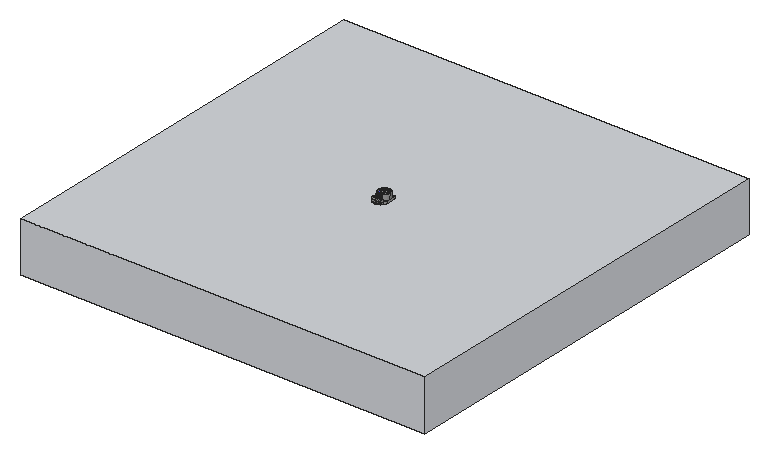
Revit family "Hekatron_Feststellanlagen_THM 442_DE_22.01", category Brandmelder, Revit 2018
Family settings
  Basisbauteil = Fläche
  Beschriftungsausrichtung beibehalten = Ja
  Bemaßung runder Anschluss = Durchmesser verwenden
  Teiletyp = Normal
  OmniClass-Nummer = 23.85.30.21
  OmniClass-Titel = Environmental Detection/Registration
  Beim Laden mit Abzugskörper schneiden = Nein
  Gemeinsam genutzt = Nein
  Raumberechnungspunkt = Nein
Parameters (values of type "THM 442")
  Zulässige Umgebungstemperatur = " 0 °C bis +50 °C"
  Zulässige Luftgeschwindigkeit = ""
  Zulassungen nach EN 54 = ""
  Width [instance] = 75 mm
  Version des BIM Objektes = "22.01"
  VdS-Anerkennung = ""
  URL = "https://www.hekatron-brandschutz.de"
  UB A&S Artikel Nummer = "6500131"
  Typenkommentare = "Türhaftmagnet THM 442"
  Tiefe (mm) = "75.0"
  Stromaufnahme = "max. 63mA"
  Schutzart = "IP 65"
  Rauchteil einstellbar = ""
  Nettogewicht (g) = ""
  Montageart = "Aufputz"
  Modell = "THM 442"
  Material = "Metall"
  Link zum Datenblatt = ""
  Link zu ausschreiben.de = "http://www.ausschreiben.de/katalog/Hekatron/position/70"
  Link zu Produktinformation = "https://www.hekatron-planungstools.de/Produktinfo/THM_442.PDF"
  Link zu Ausschreibungstext = "https://www.hekatron-planungstools.de/LVTexte/THM_442.pdf"
  Leistungserklärung (DoP) = "CPR-31-13-503-de-en"
  Lautstärke DIN-Ton (dB) = ""
  Kabeleinführung = "unten"
  Höhe (mm) = "116.0"
  Hersteller = "Hekatron"
  Heigth [instance] = 116 mm
  Funktionsprinzip = ""
  Farbe = "Metall / Schwarz"
  Ex-Zonen = "2.0"
  Einstellung Temperaturklasse nach EN 54-5 = ""
  Einstellung Temperaturindex nach EN 54-5 = ""
  Einstellung Rauchempfindlichkeit nach EN 54-20 = ""
  Einstellen Rauchempfindlichkeit nach EN 54-7 = ""
  EG-Konformitätszertifikat / Zertifikat der Leistungsbeständigkeit = "0786-CPR-21431"
  Durchmesser (mm) = ""
  Depth [instance] = 38.3 mm
  Vorgabe-Ansicht = 1200 mm
  Breite (mm) = "38.0"
  Betriebsspannung = "24 V DC"
  Beschreibung = "Türhaftmagnet für Feststellanalgen an Abschlüssen in Feuchträumen und im Ex-Bereich 2. Mit Verpolschutz und Löschdiode. Passend zur Ankerplatte ASV 65."
  Bauartgenehmigungen = "Z-6.500-2359, Z-6.500-2393, Z-6.500-2394, Z-6.500-2414, Z-6.500-2415, Z-6.500-2386, Z-6.500-2407, Z-6.500-2365, Z-6.500-2403, Z-6.500-2419, Z-6.500-2441, Z-6.500-2442, Z-6.500-2411, Z-6.500-2450, Z-6.500-2451, Z-6.500-2452, Z-6.500-2457, Z-6.500-2499, Z-6.500-2515"
  Anzahl Ansaugleitungen = ""
  Ansprechtemperatur = ""
  Alarm- & Empfindlichkeitsbereich = ""
Reference planes
  plane 1 "Center (Front/Back)": y = 0
  plane 2: z = 0
  plane 3 "Center (Left/Right)": x = 0
Forms (mm)
  Extrusion 1, solid
    sketch origin (0, 0, 0) x (1, 0, 0) y (0, 1, 0)
      loop
        line (-1219.2, 1219.2) -> (-1219.2, -1219.2) -> (1219.2, -1219.2) -> (1219.2, 1219.2) -> (-1219.2, 1219.2)
    from 0 to -304.8
  Extrusion 2, solid, material "Iron, Cast"
    sketch origin (0, 0, 0) x (1, 0, 0) y (0, 1, 0)
      loop
        line (30, 37.5) -> (-30, 37.5)
        arc (-30, 37.5) -> (-35.303, 35.303) -> (-37.5, 30) r 7.5
        line (-37.5, 30) -> (-37.5, -30)
        arc (-37.5, -30) -> (-35.303, -35.303) -> (-30, -37.5) r 7.5
        line (-30, -37.5) -> (30, -37.5)
        arc (30, -37.5) -> (35.303, -35.303) -> (37.5, -30) r 7.5
        line (37.5, -30) -> (37.5, 30)
        arc (37.5, 30) -> (35.303, 35.303) -> (30, 37.5) r 7.5
      loop
        circle (-30, 30) r 2.75
      loop
        circle (30, 30) r 2.75
      loop
        circle (30, -30) r 2.75
      loop
        circle (-30, -30) r 2.75
    from 0.8 to 8
  Extrusion 3, solid
    sketch origin (0, 0, 0) x (1, 0, 0) y (0, 1, 0)
      loop
        circle (-30, 30) r 7.5
      loop
        circle (-30, 30) r 2.75
      loop
        circle (30, 30) r 7.5
      loop
        circle (30, 30) r 2.75
      loop
        circle (-30, -30) r 7.5
      loop
        circle (-30, -30) r 2.75
      loop
        circle (30, -30) r 7.5
      loop
        circle (30, -30) r 2.75
    from 0 to 0.8
  Blend 4, void
    base sketch origin (0, 0, 0) x (1, 0, 0) y (0, 1, 0)
      loop
        circle (-30, 30) r 5.25
    top sketch origin (0, 0, 0) x (1, 0, 0) y (0, 1, 0)
      loop
        circle (-30, 30) r 2.75
    from 8 to 5.5
  Blend 5, void
    base sketch origin (0, 0, 0) x (-1, 0, 0) y (0, -1, 0)
      loop
        circle (-30, -30) r 5.25
    top sketch origin (0, 0, 0) x (-1, 0, 0) y (0, -1, 0)
      loop
        circle (-30, -30) r 2.75
    from 8 to 5.5
  Blend 6, void
    base sketch origin (0, 0, 0) x (1, 0, 0) y (0, 1, 0)
      loop
        circle (-30, -30) r 5.25
    top sketch origin (0, 0, 0) x (1, 0, 0) y (0, 1, 0)
      loop
        circle (-30, -30) r 2.75
    from 8 to 5.5
  Blend 7, void
    base sketch origin (0, 0, 0) x (-1, 0, 0) y (0, -1, 0)
      loop
        circle (-30, 30) r 5.25
    top sketch origin (0, 0, 0) x (-1, 0, 0) y (0, -1, 0)
      loop
        circle (-30, 30) r 2.75
    from 8 to 5.5
  Extrusion 8, solid, material "Stainless Steel"
    sketch origin (0, 0, 0) x (1, 0, 0) y (0, 1, 0)
      loop
        circle (0, 0) r 35
      loop
        circle (0, 0) r 30
    from 8 to 38
  Extrusion 9, solid, material "Neodymium"
    sketch origin (0, 0, 0) x (1, 0, 0) y (0, 1, 0)
      loop
        circle (0, 0) r 30
      loop
        circle (0, 0) r 18.25
    from 8 to 38
  Extrusion 10, solid, material "Silver"
    sketch origin (0, 0, 0) x (1, 0, 0) y (0, 1, 0)
      loop
        circle (0, 0) r 18.25
      loop
        circle (0, 0) r 3
    from 8 to 38
  Extrusion 11, solid, material "Silver"
    sketch origin (0, 0, 0) x (1, 0, 0) y (0, 1, 0)
      loop
        circle (0, 0) r 3
    from 8 to 37.5
  Extrusion 12, solid, material "Brass, Soft Yellow"
    sketch origin (0, 0, -5) x (1, 0, 0) y (0, 1, 0)
      loop
        circle (0, 0) r 2.5
    from 42.5 to 43.3
  Extrusion 13, solid, material "Iron, Cast"
    sketch origin (0, 0, -2.5) x (1, 0, 0) y (0, 1, 0)
      loop
        line (-15, -34) -> (-15, -37.5) -> (15, -37.5) -> (15, -34) -> (12.5, -32.692)
        arc (12.5, -32.692) -> (0, -35) -> (-12.5, -32.692) r 35
        line (-12.5, -32.692) -> (-15, -34)
    from 10.6 to 40.4
  Extrusion 14, solid, material "Iron, Cast"
    sketch origin (0, 0, -2.5) x (1, 0, 0) y (0, 1, 0)
      loop
        line (-14.8, -46) -> (14.8, -46) -> (14.8, -37.5) -> (-14.8, -37.5) -> (-14.8, -46)
    from 10.8 to 40.2
  Extrusion 15, solid, material "Iron, Cast"
    sketch origin (0, 1.7, -2.5) x (1, 0, 0) y (0, 1, 0)
      loop
        line (-13.75, -49.5) -> (-13.75, -59.2) -> (13.75, -59.2) -> (13.75, -49.5) -> (-13.75, -49.5)
      loop
        line (-13.75, -62.2) -> (13.75, -62.2) -> (13.75, -60.7) -> (-13.75, -60.7) -> (-13.75, -62.2)
      loop
        line (-13.75, -63.7) -> (-13.75, -66.7) -> (13.75, -66.7) -> (13.75, -63.7) -> (-13.75, -63.7)
      loop
        line (-13.75, -68.2) -> (-13.75, -69.7) -> (13.75, -69.7) -> (13.75, -68.2) -> (-13.75, -68.2)
      loop
        line (-13.75, -71.2) -> (-13.75, -74.2) -> (13.75, -74.2) -> (13.75, -71.2) -> (-13.75, -71.2)
    from 11.7 to 39.3
  Extrusion 16, solid, material "Iron, Cast"
    sketch origin (0, 1.7, -2.5) x (1, 0, 0) y (0, 1, 0)
      loop
        line (-13.45, -59.2) -> (-13.45, -75.7) -> (13.45, -75.7) -> (13.45, -59.2) -> (-13.45, -59.2)
    from 12 to 39
  Extrusion 17, solid, material "Iron, Cast"
    sketch origin (0, 1.7, -2.5) x (1, 0, 0) y (0, 0, 1)
      loop
        line (-13.75, 39.3) -> (-13.75, 11.7) -> (13.75, 11.7) -> (13.75, 39.3) -> (-13.75, 39.3)
    from 75.7 to 80.2
  Sweep 18, void
    path in 3D
      loop
        line (-13.75, -78.5, 36.8) -> (-13.75, -78.5, 9.2) -> (13.75, -78.5, 9.2) -> (13.75, -78.5, 36.8) -> (-13.75, -78.5, 36.8)
    profile origin (0, -78.5, 36.8) x (0, -1, 0) y (0, 0, 1)
      loop
        line (0, 0) -> (-3, 0)
        arc (-3, 0) -> (-0.879, -0.879) -> (0, -3) r 3
        line (0, -3) -> (0, 0)
  Extrusion 19, solid, material "Iron, Cast"
    sketch origin (0, 1.7, -2.5) x (0, 1, 0) y (0, 0, 1)
      loop
        circle (-68.9, 25.5) r 11.3
    from 0 to 29.25
  Extrusion 20, solid, material "Iron, Cast"
    sketch origin (0, 0, -2.5) x (1, 0, 0) y (0, 1, 0)
      loop
        arc (-14.89, -46) -> (-15.391, -46.27) -> (-15.441, -46.836) r 0.6
        line (-15.441, -46.836) -> (-14.299, -49.5) -> (14.299, -49.5) -> (15.441, -46.836)
        arc (15.441, -46.836) -> (15.391, -46.27) -> (14.89, -46) r 0.6
        line (14.89, -46) -> (-14.89, -46)
    from 10 to 41
  Revolve 21, solid, material "Iron, Cast"
    sketch origin (0, 1.7, 23) x (1, 0, 0) y (0, 1, 0)
      loop
        line (31.15, -59.45) -> (29.25, -59.45) -> (29.25, -62.4) -> (34.25, -62.4) -> (34.25, -59.45) -> (33.25, -60.45) -> (32.15, -60.45) -> (31.15, -59.45)
      axis (29.25, -68.9) -> (34.25, -68.9)
    angle from 0 to 360
  Extrusion 22, solid, material "Iron, Cast"
    sketch origin (0, 1.7, -2.5) x (0, 1, 0) y (0, 0, 1)
      loop
        circle (-68.9, 25.5) r 6.5
      loop
        arc (-76.101, 31.619) -> (-77.084, 30.225) -> (-77.8, 28.677) r 9.45
        line (-77.8, 28.677) -> (-79.634, 25.5) -> (-77.8, 22.323)
        arc (-77.8, 22.323) -> (-77.084, 20.775) -> (-76.101, 19.381) r 9.45
        line (-76.101, 19.381) -> (-74.267, 16.204) -> (-70.599, 16.204)
        arc (-70.599, 16.204) -> (-68.9, 16.05) -> (-67.201, 16.204) r 9.45
        line (-67.201, 16.204) -> (-63.533, 16.204) -> (-61.699, 19.381)
        arc (-61.699, 19.381) -> (-60.716, 20.775) -> (-60, 22.323) r 9.45
        line (-60, 22.323) -> (-58.166, 25.5) -> (-60, 28.677)
        arc (-60, 28.677) -> (-60.716, 30.225) -> (-61.699, 31.619) r 9.45
        line (-61.699, 31.619) -> (-63.533, 34.796) -> (-67.201, 34.796)
        arc (-67.201, 34.796) -> (-68.9, 34.95) -> (-70.599, 34.796) r 9.45
        line (-70.599, 34.796) -> (-74.267, 34.796) -> (-76.101, 31.619)
    from 34.25 to 39.25
Cuts and joins
  Blend 4, Blend 5, Blend 6, Blend 7 cuts Extrusion 2
  joined: Extrusion 10, Extrusion 11
  Sweep 18 cuts Extrusion 17
  joined: Extrusion 13, Extrusion 14, Extrusion 15, Extrusion 16, Extrusion 17, Extrusion 19, Revolve 21
Lines and regions (mm)
  sketch lines
    curve 1: line (13.75, -78.5, 36.8) -> (-13.75, -78.5, 36.8)
    curve 2: line (-13.75, -78.5, 36.8) -> (-13.75, -78.5, 9.2)
    curve 3: line (-13.75, -78.5, 9.2) -> (13.75, -78.5, 9.2)
    curve 4: line (13.75, -78.5, 9.2) -> (13.75, -78.5, 36.8)
Dimensions and locks
  "Heigth": cut or joined group of Extrusion 2, Blend 4, Blend 5, Blend 6, Blend 7 to cut or joined group of Extrusion 13, Extrusion 14, Extrusion 15, Extrusion 16, Extrusion 17, Sweep 18, Extrusion 19, Revolve 21
  "Width": cut or joined group of Extrusion 2, Blend 4, Blend 5, Blend 6, Blend 7 to cut or joined group of Extrusion 2, Blend 4, Blend 5, Blend 6, Blend 7
  "Depth": Extrusion 12 to Extrusion 1
  aligned and locked: plane 2 to Extrusion 1
  aligned and locked: level to Extrusion 1
Automatic sketch dimensions
  Extrusion 1 sketch curve to Extrusion 1 sketch curve = 2438.4 mm  (x2)
  Extrusion 2 sketch curve to Extrusion 2 sketch curve = 0 mm  (x8)
  Extrusion 2 sketch curve to plane 3 "Center (Left/Right)" = 37.5 mm
  Extrusion 2 sketch curve to Extrusion 2 sketch curve = 7.5 mm  (x3)
  plane 3 "Center (Left/Right)" to Extrusion 2 sketch curve = 30 mm  (x2)
  plane 1 "Center (Front/Back)" to Extrusion 2 sketch curve = 37.5 mm
  Extrusion 2 sketch curve to plane 1 "Center (Front/Back)" = 30 mm
  Extrusion 3 sketch curve to Extrusion 3 sketch curve = 0 mm  (x8)
  Extrusion 3 sketch curve to plane 3 "Center (Left/Right)" = 30 mm  (x2)
  plane 3 "Center (Left/Right)" to Extrusion 3 sketch curve = 30 mm  (x2)
  plane 1 "Center (Front/Back)" to Extrusion 3 sketch curve = 30 mm  (x2)
  Extrusion 3 sketch curve to plane 1 "Center (Front/Back)" = 30 mm  (x2)
  Blend 4 sketch curve to plane 3 "Center (Left/Right)" = 30 mm  (x2)
  Blend 4 sketch curve to plane 1 "Center (Front/Back)" = 30 mm  (x2)
  Blend 4 sketch curve to Blend 4 sketch curve = 0 mm  (x2)
  Blend 4 sketch curve to Blend 4 sketch curve = 2.75 mm
  Blend 5 sketch curve to plane 3 "Center (Left/Right)" = 30 mm  (x2)
  plane 1 "Center (Front/Back)" to Blend 5 sketch curve = 30 mm  (x2)
  Blend 5 sketch curve to Blend 5 sketch curve = 0 mm  (x2)
  Blend 5 sketch curve to Blend 5 sketch curve = 2.75 mm
  plane 3 "Center (Left/Right)" to Blend 6 sketch curve = 30 mm  (x2)
  Blend 6 sketch curve to plane 1 "Center (Front/Back)" = 30 mm  (x2)
  Blend 6 sketch curve to Blend 6 sketch curve = 0 mm  (x2)
  Blend 6 sketch curve to Blend 6 sketch curve = 2.75 mm
  plane 3 "Center (Left/Right)" to Blend 7 sketch curve = 30 mm  (x2)
  plane 1 "Center (Front/Back)" to Blend 7 sketch curve = 30 mm  (x2)
  Blend 7 sketch curve to Blend 7 sketch curve = 0 mm  (x2)
  Blend 7 sketch curve to Blend 7 sketch curve = 2.75 mm
  Extrusion 8 sketch curve to Extrusion 8 sketch curve = 0 mm  (x2)
  plane 1 "Center (Front/Back)" to Extrusion 8 sketch curve = 0 mm
  Extrusion 8 sketch curve to plane 3 "Center (Left/Right)" = 0 mm
  Extrusion 9 sketch curve to Extrusion 9 sketch curve = 0 mm  (x6)
  plane 1 "Center (Front/Back)" to Extrusion 9 sketch curve = 0 mm
  Extrusion 9 sketch curve to plane 3 "Center (Left/Right)" = 0 mm
  Extrusion 9 sketch curve to Extrusion 9 sketch curve = 30 mm
  Extrusion 10 sketch curve to Extrusion 10 sketch curve = 0 mm  (x6)
  plane 1 "Center (Front/Back)" to Extrusion 10 sketch curve = 0 mm
  Extrusion 10 sketch curve to plane 3 "Center (Left/Right)" = 0 mm
  Extrusion 10 sketch curve to Extrusion 10 sketch curve = 18.25 mm
  Extrusion 11 sketch curve to Extrusion 11 sketch curve = 0 mm  (x2)
  plane 1 "Center (Front/Back)" to Extrusion 11 sketch curve = 0 mm
  Extrusion 11 sketch curve to plane 3 "Center (Left/Right)" = 0 mm
  Extrusion 11 sketch curve to Extrusion 11 sketch curve = 3 mm
  plane 1 "Center (Front/Back)" to Extrusion 12 sketch curve = 0 mm
  Extrusion 12 sketch curve to plane 3 "Center (Left/Right)" = 0 mm
  plane 1 "Center (Front/Back)" to Extrusion 13 sketch curve = 0 mm
  Extrusion 13 sketch curve to plane 3 "Center (Left/Right)" = 0 mm
  Extrusion 13 sketch curve to plane 3 "Center (Left/Right)" = 12.5 mm
  Extrusion 13 sketch curve to Extrusion 13 sketch curve = 2.5 mm  (x2)
  plane 3 "Center (Left/Right)" to Extrusion 13 sketch curve = 12.5 mm
  plane 1 "Center (Front/Back)" to Extrusion 13 sketch curve = 32.692 mm
  Extrusion 13 sketch curve to Extrusion 13 sketch curve = 1.308 mm  (x2)
  Extrusion 13 sketch curve to Extrusion 13 sketch curve = 3.5 mm
  Extrusion 14 sketch curve to plane 3 "Center (Left/Right)" = 14.8 mm
  plane 3 "Center (Left/Right)" to Extrusion 14 sketch curve = 14.8 mm
  plane 1 "Center (Front/Back)" to Extrusion 14 sketch curve = 46 mm
  Extrusion 14 sketch curve to Extrusion 14 sketch curve = 8.5 mm
  Extrusion 15 sketch curve to plane 3 "Center (Left/Right)" = 13.75 mm
  Extrusion 15 sketch curve to Extrusion 15 sketch curve = 0 mm  (x8)
  plane 3 "Center (Left/Right)" to Extrusion 15 sketch curve = 13.75 mm
  plane 1 "Center (Front/Back)" to Extrusion 15 sketch curve = 72.5 mm
  Extrusion 15 sketch curve to Extrusion 15 sketch curve = 3 mm  (x2)
  Extrusion 15 sketch curve to Extrusion 15 sketch curve = 1.5 mm  (x6)
  Extrusion 15 sketch curve to Extrusion 15 sketch curve = 9.7 mm
  Extrusion 16 sketch curve to plane 3 "Center (Left/Right)" = 13.45 mm
  plane 3 "Center (Left/Right)" to Extrusion 16 sketch curve = 13.45 mm
  plane 1 "Center (Front/Back)" to Extrusion 16 sketch curve = 74 mm
  Extrusion 16 sketch curve to Extrusion 16 sketch curve = 16.5 mm
  Extrusion 17 sketch curve to plane 3 "Center (Left/Right)" = 13.75 mm
  plane 3 "Center (Left/Right)" to Extrusion 17 sketch curve = 13.75 mm
  level to Extrusion 17 sketch curve = 9.2 mm
  Extrusion 17 sketch curve to Extrusion 17 sketch curve = 27.6 mm
  Sweep 18 sketch curve to profile plane = 0 mm  (x2)
  Sweep 18 sketch curve to Sweep 18 sketch curve = 3 mm
  level to Extrusion 19 sketch curve = 23 mm
  plane 1 "Center (Front/Back)" to Extrusion 19 sketch curve = 67.2 mm
  Extrusion 20 sketch curve to plane 3 "Center (Left/Right)" = 15.441 mm
  Extrusion 20 sketch curve to Extrusion 20 sketch curve = 0.551 mm  (x2)
  Extrusion 20 sketch curve to Extrusion 20 sketch curve = 1.142 mm
  plane 3 "Center (Left/Right)" to Extrusion 20 sketch curve = 14.299 mm
  Extrusion 20 sketch curve to Extrusion 20 sketch curve = 0.59 mm
  plane 1 "Center (Front/Back)" to Extrusion 20 sketch curve = 49.5 mm
  Extrusion 20 sketch curve to Extrusion 20 sketch curve = 2.664 mm  (x2)
  Extrusion 20 sketch curve to Extrusion 20 sketch curve = 0.236 mm
  plane 3 "Center (Left/Right)" to Revolve 21 sketch curve = 29.25 mm
  Revolve 21 sketch curve to Revolve 21 sketch curve = 1.9 mm
  Revolve 21 sketch curve to Revolve 21 sketch curve = 1 mm  (x3)
  Revolve 21 sketch curve to Revolve 21 sketch curve = 1.1 mm
  plane 1 "Center (Front/Back)" to Revolve 21 sketch curve = 60.7 mm
  Revolve 21 sketch curve to Revolve 21 sketch curve = 1.95 mm
  Revolve 21 sketch curve to Revolve 21 sketch curve = 2.95 mm
  Revolve 21 sketch curve to Revolve 21 sketch curve = 17.165 mm
  Revolve 21 sketch curve to Revolve 21 sketch curve = 12.068 mm
  Revolve 21 sketch curve to Revolve 21 sketch curve = 6.5 mm
  Extrusion 22 sketch curve to Extrusion 22 sketch curve = 0 mm  (x57)
  level to Extrusion 22 sketch curve = 23 mm  (x2)
  plane 1 "Center (Front/Back)" to Extrusion 22 sketch curve = 77.934 mm
  level to Extrusion 22 sketch curve = 26.177 mm  (x2)
  Extrusion 22 sketch curve to Extrusion 22 sketch curve = 1.834 mm  (x7)
  level to Extrusion 22 sketch curve = 19.823 mm  (x2)
  level to Extrusion 22 sketch curve = 16.881 mm  (x2)
  Extrusion 22 sketch curve to Extrusion 22 sketch curve = 1.699 mm  (x2)
  level to Extrusion 22 sketch curve = 29.119 mm  (x2)
  Extrusion 22 sketch curve to Extrusion 22 sketch curve = 3.668 mm  (x3)
  Extrusion 22 sketch curve to Extrusion 22 sketch curve = 7.066 mm
  Extrusion 22 sketch curve to Extrusion 22 sketch curve = 3.398 mm
  Extrusion 22 sketch curve to Extrusion 22 sketch curve = 3.177 mm  (x3)
  Extrusion 22 sketch curve to Extrusion 22 sketch curve = 2.4 mm
  radius of Extrusion 2 sketch curve = 2.75 mm  (x4)
  radius of Extrusion 3 sketch curve = 7.5 mm  (x4)
  radius of Extrusion 3 sketch curve = 2.75 mm  (x4)
  radius of Blend 4 sketch curve = 5.25 mm
  radius of Blend 5 sketch curve = 5.25 mm
  radius of Blend 6 sketch curve = 5.25 mm
  radius of Blend 7 sketch curve = 5.25 mm
  radius of Extrusion 8 sketch curve = 35 mm
  radius of Extrusion 8 sketch curve = 30 mm
  radius of Extrusion 9 sketch curve = 18.25 mm
  radius of Extrusion 10 sketch curve = 3 mm
  radius of Extrusion 12 sketch curve = 2.5 mm
  radius of Extrusion 19 sketch curve = 11.3 mm
Connectors
  electrical at (0, 0, 0.8)
    settings: on cut or joined group of Extrusion 2, Blend 4, Blend 5, Blend 6, Blend 7, index 1, voltage 0 V, apparent load 0 VA, apparent load phase1 0 VA, apparent load phase2 0 VA, apparent load phase3 0 VA, power factor 1, load classification "Other", number of poles 1, system type 11, power factor state 1, is connector primary yes, connector utility no, sub classification motor no, connector description ""
